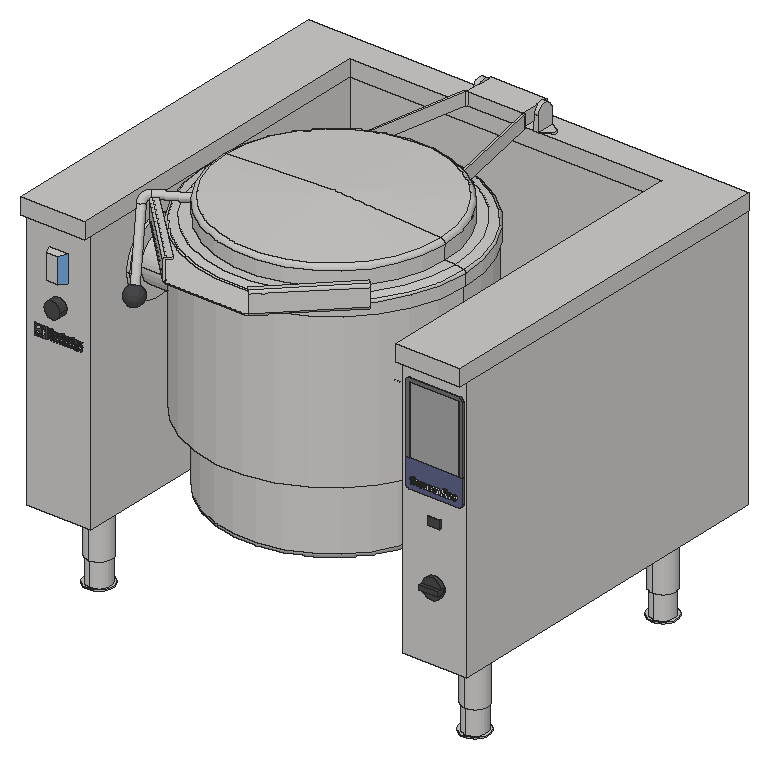
Revit family "QF_ELECTROLUXPROFESSIONAL_587100_PBOT06ECIO", category Attrezzature speciali, Revit 2020 (continued)
Definition of nested family "QF_ELECTROLUXPROFESSIONAL_PBOT900_LEFT"
  Automatic sketch dimensions
    Extrusion 5 sketch curve to Extrusion 5 sketch curve = 0.105 mm
    Extrusion 5 sketch curve to Extrusion 5 sketch curve = 0.097 mm
    Extrusion 5 sketch curve to Extrusion 5 sketch curve = 3.982 mm
    Extrusion 5 sketch curve to Extrusion 5 sketch curve = 0.17 mm
    Extrusion 5 sketch curve to Extrusion 5 sketch curve = 6.49 mm
    Extrusion 5 sketch curve to Extrusion 5 sketch curve = 1.777 mm
    Extrusion 5 sketch curve to plane 10 "TOP" = 296.072 mm
    Extrusion 5 sketch curve to Extrusion 5 sketch curve = 0.63 mm
    Extrusion 5 sketch curve to Extrusion 5 sketch curve = 1.001 mm
    Extrusion 5 sketch curve to plane 10 "TOP" = 294.678 mm
    Extrusion 5 sketch curve to Extrusion 5 sketch curve = 1.393 mm
    Extrusion 5 sketch curve to Extrusion 5 sketch curve = 2.363 mm
    Extrusion 5 sketch curve to Extrusion 5 sketch curve = 2.253 mm
    Extrusion 5 sketch curve to Extrusion 5 sketch curve = 0.014 mm  (x4)
    Extrusion 5 sketch curve to Extrusion 5 sketch curve = 0.172 mm
    Extrusion 5 sketch curve to Extrusion 5 sketch curve = 0.096 mm
    Extrusion 5 sketch curve to Extrusion 5 sketch curve = 0.164 mm
    Extrusion 5 sketch curve to Extrusion 5 sketch curve = 0.298 mm
    Extrusion 5 sketch curve to Extrusion 5 sketch curve = 0.247 mm
    Extrusion 5 sketch curve to Extrusion 5 sketch curve = 0.084 mm
    Extrusion 5 sketch curve to Extrusion 5 sketch curve = 6.484 mm
    Extrusion 5 sketch curve to Extrusion 5 sketch curve = 2.596 mm
    Extrusion 5 sketch curve to Extrusion 5 sketch curve = 0.059 mm  (x2)
    Extrusion 5 sketch curve to Extrusion 5 sketch curve = 3.889 mm
    Extrusion 5 sketch curve to plane 10 "TOP" = 307.979 mm
    Extrusion 5 sketch curve to Extrusion 5 sketch curve = 6.029 mm
    Extrusion 5 sketch curve to plane 10 "TOP" = 305.988 mm
    Extrusion 5 sketch curve to Extrusion 5 sketch curve = 0.929 mm
    Extrusion 5 sketch curve to Extrusion 5 sketch curve = 1.102 mm
    Extrusion 5 sketch curve to Extrusion 5 sketch curve = 0.756 mm  (x2)
    Extrusion 5 sketch curve to plane 10 "TOP" = 306.353 mm
    Extrusion 5 sketch curve to Extrusion 5 sketch curve = 0.852 mm
    Extrusion 5 sketch curve to Extrusion 5 sketch curve = 0.108 mm
    Extrusion 5 sketch curve to Extrusion 5 sketch curve = 0.101 mm
    Extrusion 5 sketch curve to Extrusion 5 sketch curve = 0.072 mm
    Extrusion 5 sketch curve to Extrusion 5 sketch curve = 1.67 mm
    Extrusion 5 sketch curve to Extrusion 5 sketch curve = 1.834 mm
    Extrusion 5 sketch curve to Extrusion 5 sketch curve = 0.366 mm
    Extrusion 5 sketch curve to Extrusion 5 sketch curve = 0.993 mm
    Extrusion 5 sketch curve to Extrusion 5 sketch curve = 0.81 mm
    Extrusion 5 sketch curve to Extrusion 5 sketch curve = 1.026 mm  (x2)
    Extrusion 5 sketch curve to Extrusion 5 sketch curve = 4.272 mm
    Extrusion 5 sketch curve to Extrusion 5 sketch curve = 0.163 mm
    Extrusion 5 sketch curve to Extrusion 5 sketch curve = 0.551 mm
    Extrusion 5 sketch curve to Extrusion 5 sketch curve = 6.11 mm
    Extrusion 5 sketch curve to Extrusion 5 sketch curve = 1.451 mm
    Extrusion 5 sketch curve to Extrusion 5 sketch curve = 5.217 mm
    Extrusion 5 sketch curve to Extrusion 5 sketch curve = 0.045 mm  (x2)
    Extrusion 5 sketch curve to Extrusion 5 sketch curve = 0.241 mm
    Extrusion 5 sketch curve to Extrusion 5 sketch curve = 0.039 mm
    Extrusion 5 sketch curve to Extrusion 5 sketch curve = 1.134 mm
    Extrusion 5 sketch curve to Extrusion 5 sketch curve = 2.351 mm
    Extrusion 5 sketch curve to Extrusion 5 sketch curve = 3.993 mm
    Extrusion 5 sketch curve to Extrusion 5 sketch curve = 10.128 mm
    Extrusion 5 sketch curve to Extrusion 5 sketch curve = 0.956 mm
    Extrusion 5 sketch curve to Extrusion 5 sketch curve = 1.263 mm
    Extrusion 5 sketch curve to Extrusion 5 sketch curve = 2.577 mm
    Extrusion 5 sketch curve to Extrusion 5 sketch curve = 0.243 mm
    Extrusion 5 sketch curve to Extrusion 5 sketch curve = 0.031 mm
    Extrusion 5 sketch curve to Extrusion 5 sketch curve = 7.148 mm
    Extrusion 5 sketch curve to Extrusion 5 sketch curve = 1.502 mm
    Extrusion 5 sketch curve to Extrusion 5 sketch curve = 11.54 mm
    Extrusion 5 sketch curve to Extrusion 5 sketch curve = 11.758 mm
    Extrusion 5 sketch curve to Extrusion 5 sketch curve = 4.097 mm
    Extrusion 5 sketch curve to Extrusion 5 sketch curve = 0.011 mm
    Extrusion 5 sketch curve to Extrusion 5 sketch curve = 4.488 mm
    Extrusion 5 sketch curve to Extrusion 5 sketch curve = 11.908 mm
    Extrusion 5 sketch curve to Extrusion 5 sketch curve = 2.236 mm
    Extrusion 5 sketch curve to Extrusion 5 sketch curve = 0.22 mm
    Extrusion 5 sketch curve to Extrusion 5 sketch curve = 0.319 mm
    Extrusion 5 sketch curve to Extrusion 5 sketch curve = 1.192 mm
    Extrusion 5 sketch curve to Extrusion 5 sketch curve = 3.577 mm  (x2)
    Extrusion 5 sketch curve to Extrusion 5 sketch curve = 3.444 mm  (x2)
    Extrusion 5 sketch curve to Extrusion 5 sketch curve = 1.626 mm  (x2)
    Extrusion 5 sketch curve to Extrusion 5 sketch curve = 2.021 mm
    Extrusion 5 sketch curve to Extrusion 5 sketch curve = 2.967 mm
    Extrusion 5 sketch curve to Extrusion 5 sketch curve = 1.22 mm
    Extrusion 5 sketch curve to Extrusion 5 sketch curve = 3.412 mm
    Extrusion 5 sketch curve to Extrusion 5 sketch curve = 0.892 mm  (x3)
    Extrusion 5 sketch curve to Extrusion 5 sketch curve = 0.58 mm  (x2)
    Extrusion 5 sketch curve to Extrusion 5 sketch curve = 2.117 mm
    Extrusion 5 sketch curve to Extrusion 5 sketch curve = 0.295 mm  (x2)
    Extrusion 5 sketch curve to Extrusion 5 sketch curve = 0.618 mm
    Extrusion 5 sketch curve to Extrusion 5 sketch curve = 1.65 mm
    Extrusion 5 sketch curve to Extrusion 5 sketch curve = 1.662 mm
    Extrusion 5 sketch curve to Extrusion 5 sketch curve = 0.013 mm  (x2)
    Extrusion 5 sketch curve to Extrusion 5 sketch curve = 0.292 mm
    Extrusion 5 sketch curve to Extrusion 5 sketch curve = 0.107 mm  (x2)
    Extrusion 5 sketch curve to Extrusion 5 sketch curve = 0.068 mm  (x2)
    Extrusion 5 sketch curve to Extrusion 5 sketch curve = 2.361 mm
    Extrusion 5 sketch curve to Extrusion 5 sketch curve = 2.359 mm
    Extrusion 5 sketch curve to Extrusion 5 sketch curve = 0.531 mm  (x2)
    Extrusion 5 sketch curve to Extrusion 5 sketch curve = 0.928 mm  (x2)
    Extrusion 5 sketch curve to Extrusion 5 sketch curve = 1.058 mm
    Extrusion 5 sketch curve to Extrusion 5 sketch curve = 0.297 mm  (x2)
    Extrusion 5 sketch curve to Extrusion 5 sketch curve = 0.155 mm  (x2)
    Extrusion 5 sketch curve to Extrusion 5 sketch curve = 0.182 mm  (x2)
    Extrusion 5 sketch curve to Extrusion 5 sketch curve = 0.607 mm  (x2)
    Extrusion 5 sketch curve to Extrusion 5 sketch curve = 0.372 mm  (x2)
    Extrusion 5 sketch curve to Extrusion 5 sketch curve = 0.016 mm  (x2)
    Extrusion 5 sketch curve to Extrusion 5 sketch curve = 0.996 mm
    Extrusion 5 sketch curve to Extrusion 5 sketch curve = 0.93 mm
    Extrusion 5 sketch curve to Extrusion 5 sketch curve = 0.709 mm  (x2)
    Extrusion 5 sketch curve to Extrusion 5 sketch curve = 1.017 mm
    Extrusion 5 sketch curve to Extrusion 5 sketch curve = 4.718 mm
    Extrusion 5 sketch curve to Extrusion 5 sketch curve = 0.891 mm
    Extrusion 5 sketch curve to Extrusion 5 sketch curve = 3.826 mm
    Extrusion 5 sketch curve to Extrusion 5 sketch curve = 0.954 mm
    Extrusion 5 sketch curve to Extrusion 5 sketch curve = 5.576 mm
    Extrusion 5 sketch curve to Extrusion 5 sketch curve = 5.661 mm  (x2)
    Extrusion 5 sketch curve to Extrusion 5 sketch curve = 0.006 mm
    Extrusion 5 sketch curve to Extrusion 5 sketch curve = 2.203 mm
    Extrusion 5 sketch curve to Extrusion 5 sketch curve = 2.21 mm
    Extrusion 5 sketch curve to Extrusion 5 sketch curve = 1.607 mm
    Extrusion 5 sketch curve to Extrusion 5 sketch curve = 3.92 mm
    Extrusion 5 sketch curve to Extrusion 5 sketch curve = 0.05 mm
    Extrusion 5 sketch curve to Extrusion 5 sketch curve = 1.776 mm
    Extrusion 5 sketch curve to Extrusion 5 sketch curve = 4.017 mm
    Extrusion 5 sketch curve to Extrusion 5 sketch curve = 0.196 mm  (x2)
    Extrusion 5 sketch curve to Extrusion 5 sketch curve = 0.19 mm
    Extrusion 5 sketch curve to Extrusion 5 sketch curve = 1.312 mm
    Extrusion 5 sketch curve to Extrusion 5 sketch curve = 0.146 mm
    Extrusion 5 sketch curve to Extrusion 5 sketch curve = 2.831 mm
    Extrusion 5 sketch curve to Extrusion 5 sketch curve = 0.387 mm
    Extrusion 5 sketch curve to Extrusion 5 sketch curve = 0.174 mm
    Extrusion 5 sketch curve to Extrusion 5 sketch curve = 4.623 mm
    Extrusion 5 sketch curve to Extrusion 5 sketch curve = 1.754 mm
    Extrusion 5 sketch curve to Extrusion 5 sketch curve = 0.188 mm
    Extrusion 5 sketch curve to Extrusion 5 sketch curve = 0.02 mm
    Extrusion 5 sketch curve to Extrusion 5 sketch curve = 0.313 mm
    Extrusion 5 sketch curve to Extrusion 5 sketch curve = 0.12 mm
    Extrusion 5 sketch curve to Extrusion 5 sketch curve = 0.062 mm
    Extrusion 5 sketch curve to Extrusion 5 sketch curve = 0.568 mm
    Extrusion 5 sketch curve to Extrusion 5 sketch curve = 0.095 mm
    Extrusion 5 sketch curve to Extrusion 5 sketch curve = 0.357 mm
    Extrusion 5 sketch curve to Extrusion 5 sketch curve = 0.008 mm
    Extrusion 5 sketch curve to Extrusion 5 sketch curve = 0.36 mm
    Extrusion 5 sketch curve to Extrusion 5 sketch curve = 3.784 mm
    Extrusion 5 sketch curve to Extrusion 5 sketch curve = 1.654 mm
    Extrusion 5 sketch curve to Extrusion 5 sketch curve = 1.454 mm
    Extrusion 5 sketch curve to Extrusion 5 sketch curve = 3.429 mm
    Extrusion 5 sketch curve to Extrusion 5 sketch curve = 1.094 mm
    Extrusion 5 sketch curve to Extrusion 5 sketch curve = 2.218 mm
    Extrusion 5 sketch curve to Extrusion 5 sketch curve = 1.404 mm
    Extrusion 5 sketch curve to Extrusion 5 sketch curve = 5.959 mm
    Extrusion 5 sketch curve to Extrusion 5 sketch curve = 1.424 mm
    Extrusion 5 sketch curve to Extrusion 5 sketch curve = 3.23 mm
    Extrusion 5 sketch curve to Extrusion 5 sketch curve = 1.975 mm
    Extrusion 5 sketch curve to Extrusion 5 sketch curve = 3.779 mm
    Extrusion 5 sketch curve to Extrusion 5 sketch curve = 2.212 mm
    Extrusion 5 sketch curve to Extrusion 5 sketch curve = 3.78 mm
    Extrusion 5 sketch curve to Extrusion 5 sketch curve = 1.279 mm
    Extrusion 5 sketch curve to Extrusion 5 sketch curve = 1.343 mm  (x2)
    Extrusion 5 sketch curve to Extrusion 5 sketch curve = 1.353 mm  (x2)
    Extrusion 5 sketch curve to Extrusion 5 sketch curve = 0.027 mm  (x2)
    Extrusion 5 sketch curve to Extrusion 5 sketch curve = 0.395 mm  (x2)
    Extrusion 5 sketch curve to Extrusion 5 sketch curve = 0.329 mm  (x2)
    Extrusion 5 sketch curve to Extrusion 5 sketch curve = 0.425 mm  (x2)
    Extrusion 5 sketch curve to Extrusion 5 sketch curve = 0.051 mm  (x2)
    Extrusion 5 sketch curve to Extrusion 5 sketch curve = 0.495 mm  (x2)
    Extrusion 5 sketch curve to Extrusion 5 sketch curve = 0.267 mm  (x2)
    Extrusion 5 sketch curve to Extrusion 5 sketch curve = 1.4 mm
    Extrusion 5 sketch curve to Extrusion 5 sketch curve = 5.233 mm
    Extrusion 5 sketch curve to Extrusion 5 sketch curve = 2.062 mm
    Extrusion 6 sketch curve to plane 13 "HW_CW" = 0.0 mm  (x2)
    Extrusion 6 sketch curve to plane 15 = 0.0 mm
    Extrusion 6 sketch curve to plane 14 = 0.0 mm
    radius of Extrusion 2 sketch curve = 20.0 mm
    radius of Extrusion 3 sketch curve = 6.35 mm  (x2)
    radius of Extrusion 5 sketch curve = 2.453 mm
    radius of Extrusion 5 sketch curve = 1.557 mm
    radius of Extrusion 5 sketch curve = 1.468 mm
    radius of Extrusion 5 sketch curve = 2.451 mm
    radius of Extrusion 6 sketch curve = 5.0 mm  (x2)
Definition of nested family "QF_ELECTROLUXPROFESSIONAL_PBOT900_RIGHT"
  Parameters
    Width = 160.0 mm
    Right = Width / 2  # 80.0 mm
    Default Elevation = 0.0 mm
    Left = -Width / 2  # -80.0 mm
    Htop = 40.0 mm
    Height = 900.0 mm
    HBase = 200.0 mm
    EI_z = 250.0 mm
    EI_y = 239.0 mm
    Depth = 900.0 mm
    BorderFront = 20.0 mm
    Body Finish [instance] = none
  Reference planes
    plane 1 "Center (Front/Back)": y = 0
    plane 2: z = 0
    plane 3 "Center (Left/Right)": x = 0
    plane 4 "LEFT": x = -80
    plane 5 "RIGHT": x = 80
    plane 6 "BACK": y = 450
    plane 7 "FRONT": y = -450
    plane 8 "Base": z = 200
    plane 9 "TOP": z = 900
    plane 10 "BorderFront": y = -430
    plane 11: z = 860
    plane 12 "EI": z = 450
    plane 13: y = 211
  Forms (mm)
    Extrusion 1, solid
      sketch origin (0, 0, 0) x (1, 0, 0) y (0, 1, 0)
        loop
          line (-80, 450) -> (-80, -430) -> (80, -430) -> (80, 450) -> (-80, 450)
      from 860 to 200
    Extrusion 2, solid
      sketch origin (0, -430, 0) x (-1, 0, 0) y (0, 0, 1)
        loop
          line (59.714, 823.989) -> (-61.821, 823.989)
          arc (-61.821, 823.989) -> (-68.892, 821.06) -> (-71.821, 813.989) r 10
          line (-71.821, 813.989) -> (-71.821, 644.744) -> (-61.821, 644.744) -> (-61.821, 813.989) -> (59.714, 813.989) -> (59.714, 644.744) -> (69.714, 644.744) -> (69.714, 813.989)
          arc (69.714, 813.989) -> (66.786, 821.06) -> (59.714, 823.989) r 10
      from 0 to -3
    Extrusion 3, solid
      sketch origin (0, -430, 0) x (-1, 0, 0) y (0, 0, 1)
        loop
          circle (0, 375.28) r 25
      from 0 to -10
    Extrusion 4, solid
      sketch origin (0, -430, 0) x (-1, 0, 0) y (0, 0, 1)
        loop
          line (24.382, 380.806) -> (-24.382, 380.806)
          arc (-24.382, 380.806) -> (-25, 375.28) -> (-24.382, 369.753) r 25
          line (-24.382, 369.753) -> (24.382, 369.753)
          arc (24.382, 369.753) -> (25, 375.28) -> (24.382, 380.806) r 25
      from 0 to -20
    Extrusion 5, solid
      sketch origin (0, -430, 0) x (-1, 0, 0) y (0, 0, 1)
        loop
          line (69.714, 585) -> (69.714, 644.744) -> (-71.821, 644.744) -> (-71.821, 585)
          arc (-71.821, 585) -> (-68.892, 577.929) -> (-61.821, 575) r 10
          line (-61.821, 575) -> (59.714, 575)
          arc (59.714, 575) -> (66.786, 577.929) -> (69.714, 585) r 10
      from -3 to 0
    Extrusion 6, solid
      sketch origin (234.714, -430, 0) x (-1, 0, 0) y (0, 0, 1)
        loop
          line (294.429, 813.989) -> (172.894, 813.989) -> (172.894, 644.744) -> (294.429, 644.744) -> (294.429, 813.989)
      from 0 to -3
    Extrusion 7, solid
      sketch origin (0, -430, 0) x (-1, 0, 0) y (0, 0, 1)
        loop
          line (15, 530) -> (-15, 530) -> (-15, 510) -> (15, 510) -> (15, 530)
      from -1.6 to 0
    Extrusion 8, solid
      sketch origin (0, 450, 0) x (-1, 0, 0) y (0, 0, 1)
        loop
          circle (0, 450) r 5
      from 0 to 2
    Extrusion 9, solid
      sketch origin (0, 0, 200) x (0, 1, 0) y (-1, 0, 0)
        loop
          circle (211, 0) r 10
      from 0 to -3
  Lines and regions (mm)
    symbolic lines
      curve 1: line (-80, 450, 0) -> (80, 450, 0)
      curve 2: line (80, 450, 0) -> (80, -430, 0)
  Dimensions and locks
    "Width": plane 4 "LEFT" to plane 5 "RIGHT"
    equal spacing: plane 4 "LEFT", plane 3 "Center (Left/Right)", plane 5 "RIGHT"
    equal spacing: plane 6 "BACK", plane 1 "Center (Front/Back)", plane 7 "FRONT"
    "Depth": plane 6 "BACK" to plane 7 "FRONT"
    "BorderFront": plane 10 "BorderFront" to plane 7 "FRONT"
    "Htop": plane 9 "TOP" to plane 11
    "Height": plane 9 "TOP" to level
    "HBase": plane 8 "Base" to level
    Extrusion 4 sketch curve to Extrusion 4 sketch curve = 11.053 mm
    "EI_y": plane 6 "BACK" to plane 13
    "EI_z": plane 12 "EI" to plane 8 "Base"
    aligned and locked: level to plane 2
    aligned and locked: plane 10 "BorderFront" to Extrusion 1 sketch curve
    aligned and locked: plane 11 to Extrusion 1
    aligned and locked: Extrusion 1 to plane 8 "Base"
    aligned and locked: plane 4 "LEFT" to Extrusion 1 sketch curve
    aligned and locked: Extrusion 1 sketch curve to plane 5 "RIGHT"
    aligned and locked: Extrusion 1 sketch curve to plane 6 "BACK"
  Automatic sketch dimensions
    Extrusion 3 sketch curve to plane 3 "Center (Left/Right)" = 0.0 mm
    plane 8 "Base" to Extrusion 3 sketch curve = 175.28 mm
    Extrusion 4 sketch curve to Extrusion 4 sketch curve = 0.0 mm  (x3)
    Extrusion 4 sketch curve to plane 3 "Center (Left/Right)" = 0.0 mm
    plane 3 "Center (Left/Right)" to Extrusion 4 sketch curve = 24.382 mm
    Extrusion 4 sketch curve to plane 3 "Center (Left/Right)" = 24.382 mm
    plane 8 "Base" to Extrusion 4 sketch curve = 169.753 mm
    Extrusion 2 sketch curve to plane 5 "RIGHT" = 8.179 mm
    Extrusion 2 sketch curve to Extrusion 2 sketch curve = 10.0 mm  (x2)
    Extrusion 2 sketch curve to Extrusion 2 sketch curve = 0.0 mm  (x4)
    plane 4 "LEFT" to Extrusion 2 sketch curve = 20.286 mm
    Extrusion 2 sketch curve to plane 11 = 215.256 mm
    Extrusion 2 sketch curve to plane 11 = 46.011 mm
    Extrusion 5 sketch curve to plane 5 "RIGHT" = 8.179 mm
    plane 4 "LEFT" to Extrusion 5 sketch curve = 20.286 mm
    plane 4 "LEFT" to Extrusion 5 sketch curve = 10.286 mm
    Extrusion 5 sketch curve to plane 11 = 285.0 mm
    Extrusion 5 sketch curve to Extrusion 5 sketch curve = 59.744 mm
    Extrusion 5 sketch curve to Extrusion 5 sketch curve = 10.0 mm
    plane 4 "LEFT" to Extrusion 6 sketch curve = 20.286 mm
    Extrusion 6 sketch curve to plane 11 = 46.011 mm
    Extrusion 6 sketch curve to plane 5 "RIGHT" = 18.179 mm
    Extrusion 6 sketch curve to Extrusion 6 sketch curve = 169.244 mm
    Extrusion 8 sketch curve to plane 3 "Center (Left/Right)" = 0.0 mm
    Extrusion 8 sketch curve to plane 12 "EI" = 0.0 mm
    curve 1 to plane 4 "LEFT" = 0.0 mm
    curve 1 to plane 5 "RIGHT" = 0.0 mm
    curve 2 to plane 10 "BorderFront" = 0.0 mm
    curve 1 to plane 6 "BACK" = 0.0 mm
    plane 3 "Center (Left/Right)" to Extrusion 7 sketch curve = 15.0 mm
    Extrusion 7 sketch curve to plane 3 "Center (Left/Right)" = 15.0 mm
    plane 12 "EI" to Extrusion 7 sketch curve = 60.0 mm
    Extrusion 7 sketch curve to Extrusion 7 sketch curve = 20.0 mm
    Extrusion 9 sketch curve to plane 3 "Center (Left/Right)" = 0.0 mm
    Extrusion 9 sketch curve to plane 13 = 0.0 mm
    radius of Extrusion 3 sketch curve = 25.0 mm
    radius of Extrusion 8 sketch curve = 5.0 mm
    radius of Extrusion 9 sketch curve = 10.0 mm
  Nested families
    nested 1: "ELX_ThermaLine" at (-0.906, -433, 593.675) x (1, 0, 0) z (0, -1, 0), type "ELX_ThermaLine"
      with Show Logo yes, Material_Logo none
  Definition of nested family "ELX_ThermaLine"
    Parameters
      Show Logo [instance] = yes
      Material_Logo [instance] = none
      Default Elevation = 0.0 mm
    Reference planes
      plane 1 "Centro (Fronte/Retro)": y = 0
      plane 2: z = 0
      plane 3 "Centro (Sinistra/Destra)": x = 0
    Forms (mm)
      Extrusion 1, solid
        sketch origin (0, 0, 0) x (1, 0, 0) y (0, 1, 0)
          loop
            line (-1219.2, 1219.2) -> (-1219.2, -1219.2) -> (1219.2, -1219.2) -> (1219.2, 1219.2) -> (-1219.2, 1219.2)
        from 0 to -304.8
      Extrusion 2, solid
        sketch origin (0, 0, 0) x (1, 0, 0) y (0, 1, 0)
          loop
            line (-52.84, 4.345) -> (-50.793, 4.345) -> (-50.793, 6.716) -> (-52.84, 6.716) -> (-52.84, 10.788) -> (-55.901, 9.058) -> (-55.901, 6.716) -> (-57.324, 6.716) -> (-57.324, 4.345) -> (-55.901, 4.345) -> (-55.901, -1.637)
            arc (-55.901, -1.637) -> (-54.76, -4.355) -> (-51.88, -4.985) r 3.198
            line (-51.88, -4.985) -> (-50.444, -4.597) -> (-50.782, -2.189) -> (-51.765, -2.453)
            arc (-51.765, -2.453) -> (-52.506, -2.305) -> (-52.84, -1.628) r 0.854
            line (-52.84, -1.628) -> (-52.84, 4.345)
          loop
            line (-48.642, 11.198) -> (-48.642, -4.787) -> (-45.561, -4.787) -> (-45.561, 2.659)
            arc (-45.561, 2.659) -> (-44.379, 4.372) -> (-42.304, 4.523) r 2.408
            arc (-42.304, 4.523) -> (-41.484, 3.75) -> (-41.182, 2.665) r 2.099
            line (-41.182, 2.665) -> (-41.182, -4.787) -> (-38.117, -4.787) -> (-38.088, 2.166)
            arc (-38.088, 2.166) -> (-38.343, 3.963) -> (-39.021, 5.646) r 7.517
            arc (-39.021, 5.646) -> (-42.369, 6.971) -> (-45.561, 5.303) r 4.327
            line (-45.561, 5.303) -> (-45.561, 11.198) -> (-48.642, 11.198)
          loop
            arc (-28.196, 1.988) -> (-28.834, 3.893) -> (-30.683, 4.679) r 2.449
            arc (-30.683, 4.679) -> (-32.149, 3.674) -> (-32.711, 1.988) r 2.793
            line (-32.711, 1.988) -> (-28.196, 1.988)
          loop
            arc (-25.128, 0.121) -> (-26.074, 4.342) -> (-29.545, 6.923) r 6.212
            arc (-29.545, 6.923) -> (-33.021, 6.358) -> (-35.352, 3.718) r 5.232
            arc (-35.352, 3.718) -> (-35.918, 1.148) -> (-35.633, -1.468) r 8.117
            arc (-35.633, -1.468) -> (-34.524, -3.319) -> (-32.789, -4.603) r 5.523
            arc (-32.789, -4.603) -> (-28.402, -4.744) -> (-25.297, -1.641) r 5.523
            line (-25.297, -1.641) -> (-28.327, -1.106)
            arc (-28.327, -1.106) -> (-29.324, -2.396) -> (-30.951, -2.501) r 1.982
            arc (-30.951, -2.501) -> (-32.276, -1.475) -> (-32.789, 0.121) r 2.835
            line (-32.789, 0.121) -> (-25.128, 0.121)
          loop
            line (-22.733, -4.787) -> (-19.705, -4.787) -> (-19.705, 0)
            arc (-19.705, 0) -> (-19.663, 1.267) -> (-19.469, 2.521) r 10.557
            arc (-19.469, 2.521) -> (-18.189, 4.014) -> (-16.237, 3.761) r 2.069
            line (-16.237, 3.761) -> (-15.318, 6.433)
            arc (-15.318, 6.433) -> (-17.915, 6.783) -> (-19.931, 5.11) r 3.262
            line (-19.931, 5.11) -> (-19.931, 6.752) -> (-22.733, 6.752) -> (-22.733, -4.787)
          loop
            line (-14.233, 6.752) -> (-14.233, -4.787) -> (-11.135, -4.787) -> (-11.135, 1.783)
            arc (-11.135, 1.783) -> (-10.552, 3.635) -> (-8.862, 4.59) r 2.646
            arc (-8.862, 4.59) -> (-7.677, 3.931) -> (-7.234, 2.65) r 1.899
            line (-7.234, 2.65) -> (-7.234, -4.787) -> (-4.155, -4.787) -> (-4.155, 1.467)
            arc (-4.155, 1.467) -> (-3.845, 2.923) -> (-2.97, 4.128) r 3.581
            arc (-2.97, 4.128) -> (-1.581, 4.474) -> (-0.516, 3.516) r 1.525
            arc (-0.516, 3.516) -> (-0.324, 2.735) -> (-0.304, 1.931) r 3.735
            line (-0.304, 1.931) -> (-0.304, -4.787) -> (2.776, -4.787) -> (2.776, 3.096)
            arc (2.776, 3.096) -> (1.833, 5.68) -> (-0.612, 6.942) r 3.784
            arc (-0.612, 6.942) -> (-2.795, 6.596) -> (-4.513, 5.205) r 4.271
            arc (-4.513, 5.205) -> (-5.893, 6.457) -> (-7.686, 6.964) r 4.079
            arc (-7.686, 6.964) -> (-9.75, 6.555) -> (-11.39, 5.237) r 4.412
            line (-11.39, 5.237) -> (-11.39, 6.752) -> (-14.233, 6.752)
          loop
            line (5.334, 3.712) -> (8.069, 3.23)
            arc (8.069, 3.23) -> (10.312, 4.685) -> (12.137, 2.73) r 2.082
            line (12.137, 2.73) -> (8.171, 1.741)
            arc (8.171, 1.741) -> (6.593, 1.022) -> (5.378, -0.215) r 4.758
            arc (5.378, -0.215) -> (5.225, -1.991) -> (5.744, -3.697) r 4.711
            arc (5.744, -3.697) -> (7.301, -4.682) -> (9.118, -4.992) r 4.691
            arc (9.118, -4.992) -> (10.903, -4.593) -> (12.411, -3.558) r 4.818
            line (12.411, -3.558) -> (12.81, -4.787) -> (15.873, -4.787) -> (15.179, -2.652) -> (15.179, 3.25)
            arc (15.179, 3.25) -> (14.773, 5.146) -> (13.38, 6.496) r 3.336
            arc (13.38, 6.496) -> (10.765, 7.201) -> (8.091, 6.773) r 6.459
            arc (8.091, 6.773) -> (6.348, 5.57) -> (5.334, 3.712) r 4.569
          loop
            line (21.001, -4.787) -> (24.24, -4.787) -> (27.623, 11.127) -> (24.384, 11.127) -> (21.001, -4.787)
          loop
            line (27.273, -4.787) -> (30.332, -4.787) -> (32.777, 6.716) -> (29.718, 6.716) -> (27.273, -4.787)
          loop
            line (30.656, 11.127) -> (30.058, 8.314) -> (33.117, 8.314) -> (33.715, 11.127) -> (30.656, 11.127)
          loop
            line (33.431, -4.787) -> (36.649, -4.787) -> (38.261, 2.796)
            arc (38.261, 2.796) -> (39.644, 4.445) -> (41.791, 4.594) r 2.751
            arc (41.791, 4.594) -> (42.425, 3.729) -> (42.502, 2.659) r 1.936
            line (42.502, 2.659) -> (40.919, -4.787) -> (43.989, -4.787) -> (45.795, 3.712)
            arc (45.795, 3.712) -> (45.588, 5.458) -> (44.361, 6.716) r 2.734
            arc (44.361, 6.716) -> (41.222, 6.857) -> (38.516, 5.259) r 5.512
            line (38.516, 5.259) -> (38.826, 6.716) -> (35.876, 6.716) -> (33.431, -4.787)
          loop
            line (50.773, 1.934) -> (55.672, 1.934)
            arc (55.672, 1.934) -> (55.737, 2.919) -> (55.334, 3.821) r 2.051
            arc (55.334, 3.821) -> (53.773, 4.722) -> (52.024, 4.287) r 2.407
            arc (52.024, 4.287) -> (51.223, 3.203) -> (50.773, 1.934) r 4.566
          loop
            line (50.479, 0) -> (58.259, 0)
            arc (58.259, 0) -> (58.241, 3.53) -> (56.181, 6.396) r 5.8
            arc (56.181, 6.396) -> (52.577, 6.992) -> (49.395, 5.199) r 5.498
            arc (49.395, 5.199) -> (47.819, 2.372) -> (47.536, -0.853) r 7.747
            arc (47.536, -0.853) -> (48.406, -3.006) -> (50.236, -4.437) r 4.494
            arc (50.236, -4.437) -> (52.672, -4.934) -> (55.109, -4.437) r 6.224
            arc (55.109, -4.437) -> (56.76, -3.346) -> (57.916, -1.739) r 5.478
            line (57.916, -1.739) -> (55.129, -1.247)
            arc (55.129, -1.247) -> (53.897, -2.495) -> (52.149, -2.637) r 2.52
            arc (52.149, -2.637) -> (50.809, -1.638) -> (50.479, 0) r 2.336
          loop
            line (12.154, 0.755) -> (8.732, -0.098)
            arc (8.732, -0.098) -> (8.126, -1.288) -> (8.732, -2.478) r 1.471
            arc (8.732, -2.478) -> (10.437, -2.725) -> (11.827, -1.706) r 2.276
            arc (11.827, -1.706) -> (12.142, -0.496) -> (12.154, 0.755) r 5.123
        from 0 to 1.6
    Dimensions and locks
      aligned and locked: plane 2 to Extrusion 1
      aligned and locked: level to Extrusion 1
Definition of nested family "QF_ELECTROLUXPROFESSIONAL_2FEET_THL_120xH200"
  Parameters
    Width = 120.0 mm
    Right = Width / 2  # 60.0 mm
    Default Elevation = 0.0 mm
    Left = -Width / 2  # -60.0 mm
    Height = 200.0 mm
    HBase = Height - 15.0 mm  # 185.0 mm
    Depth = 880.0 mm
  Reference planes
    plane 1 "Center (Front/Back)": y = 0
    plane 2: z = 0
    plane 3 "Center (Left/Right)": x = 0
    plane 4 "LEFT": x = -60
    plane 5 "RIGHT": x = 60
    plane 6 "BACK": y = 440
    plane 7 "FRONT": y = -440
    plane 8 "Base": z = 185
    plane 9 "TOP": z = 200
    plane 10: y = 283
    plane 11: y = -304
    plane 12: y = 368
    plane 13: y = -388
    plane 14: x = -80
  Forms (mm)
    Extrusion 1, solid
      sketch origin (0, 0, 200) x (0, 1, 0) y (-1, 0, 0)
        loop
          line (368, 60) -> (-388, 60) -> (-388, -60) -> (368, -60) -> (368, 60)
      from 0 to -15
    Revolve 2, solid
      sketch origin (0, 0, 0) x (0, 1, 0) y (0, 0, 1)
        loop
          line (283, 0) -> (318, 0) -> (318, 2) -> (311.179, 2) -> (311.179, 63) -> (314.75, 63) -> (314.75, 185) -> (283, 185) -> (283, 0)
        axis (283, 185) -> (283, 0)
      angle from 0 to 360
    Revolve 3, solid
      sketch origin (0, 0, 0) x (0, 1, 0) y (0, 0, 1)
        loop
          line (-304, 185) -> (-304, 0) -> (-269, 0) -> (-269, 2) -> (-275.821, 2) -> (-275.821, 63) -> (-272.25, 63) -> (-272.25, 185) -> (-304, 185)
        axis (-304, 185) -> (-304, 0)
      angle from 0 to 360
  Dimensions and locks
    "Width": plane 4 "LEFT" to plane 5 "RIGHT"
    equal spacing: plane 4 "LEFT", plane 3 "Center (Left/Right)", plane 5 "RIGHT"
    equal spacing: plane 6 "BACK", plane 1 "Center (Front/Back)", plane 7 "FRONT"
    "Depth": plane 6 "BACK" to plane 7 "FRONT"
    "HBase": plane 8 "Base" to level
    "Height": plane 9 "TOP" to level
    locked: plane 6 "BACK" to plane 10 at 157
    locked: plane 10 to plane 11 at 587
    plane 6 "BACK" to plane 12 = 72.0 mm
    plane 13 to plane 7 "FRONT" = 52.0 mm
    plane 12 to plane 13 = 756.0 mm
    plane 14 to plane 3 "Center (Left/Right)" = 80.0 mm
    aligned and locked: level to plane 2
    aligned and locked: Extrusion 1 sketch curve to plane 5 "RIGHT"
    aligned and locked: plane 4 "LEFT" to Extrusion 1 sketch curve
    aligned and locked: Extrusion 1 to plane 8 "Base"
    aligned and locked: Extrusion 1 sketch curve to plane 12
    aligned and locked: plane 13 to Extrusion 1 sketch curve
  Automatic sketch dimensions
    Revolve 2 sketch curve to level = 0.0 mm
    Revolve 2 sketch curve to plane 10 = 0.0 mm  (x2)
    Revolve 2 sketch curve to plane 8 "Base" = 0.0 mm
    plane 10 to Revolve 2 sketch curve = 28.179 mm
    Revolve 2 sketch curve to Revolve 2 sketch curve = 31.75 mm
    Revolve 2 sketch curve to Revolve 2 sketch curve = 6.821 mm
    level to Revolve 2 sketch curve = 2.0 mm
    Revolve 2 sketch curve to Revolve 2 sketch curve = 61.0 mm
    Revolve 2 sketch curve to level = 50.0 mm
    plane 9 "TOP" to Revolve 2 sketch curve = 70.0 mm
    Revolve 3 sketch curve to plane 11 = 0.0 mm
    Revolve 3 sketch curve to level = 0.0 mm
    Revolve 3 sketch curve to plane 10 = 587.0 mm
    Revolve 3 sketch curve to plane 8 "Base" = 0.0 mm
    Revolve 3 sketch curve to plane 10 = 558.821 mm
    Revolve 3 sketch curve to Revolve 3 sketch curve = 3.571 mm
    Revolve 3 sketch curve to Revolve 3 sketch curve = 6.821 mm
    level to Revolve 3 sketch curve = 2.0 mm
    Revolve 3 sketch curve to Revolve 3 sketch curve = 61.0 mm
    Revolve 3 sketch curve to level = 180.0 mm
    plane 9 "TOP" to Revolve 3 sketch curve = 205.0 mm
Definition of nested family "QF_ELECTROLUXPROFESSIONAL_PBOT900_LEVEL1"
  Parameters
    Default Elevation = 0.0 mm
    Assembly Code = ""
  Reference planes
    plane 1 "Center (Front/Back)": y = 0
    plane 2: z = 0
    plane 3 "Center (Left/Right)": x = 0
  Forms (mm)
    Sweep 1, solid
      path origin (0, 0, 0) x (1, 0, 0) y (0, 0.5, 0.866025)
        loop
          line (0, 0) -> (-80, 0)
          arc (-80, 0) -> (-94.142, -5.858) -> (-100, -20) r 20
          line (-100, -20) -> (-100, -200)
      profile origin (-40, 0, 0) x (0, -0.5, -0.866025) y (0, -0.866025, 0.5)
        loop
          circle (0, 0) r 9
    Revolve 2, solid
      sketch origin (-20, 0, 0) x (1, 0, 0) y (0, 0.5, 0.866025)
        loop
          arc (-57.5, -200) -> (-80, -177.5) -> (-102.5, -200) r 22.5
          line (-102.5, -200) -> (-57.5, -200)
        axis (-102.5, -200) -> (-57.5, -200)
      angle from 0 to 360
  Lines and regions (mm)
    symbolic lines
      curve 1: line (0, -9, 0) -> (-80, -9, 0)
      curve 2: line (0, 9, 0) -> (-80, 9, 0)
      curve 3: line (-91, -80, 0) -> (-91, -15, 0)
      curve 4: line (-109, -80, 0) -> (-109, -10, 0)
      curve 5: arc (-109, -10, 0) -> (-97.335, 3.827, 0) -> (-80, 9, 0) r 31.632
      curve 6: arc (-91, -15, 0) -> (-86.265, -10.598, 0) -> (-80, -9, 0) r 13.083
      curve 7: spline (-77.953, -100, 0) -> (-78.704, -94.175, 0) -> (-80.907, -88.747, 0) -> (-84.41, -84.087, 0) -> (-88.977, -80.51, 0) -> (-94.294, -78.262, 0) -> (-100, -77.495, 0) -> (-105.706, -78.262, 0) -> (-111.023, -80.51, 0) -> (-115.59, -84.087, 0) -> (-119.093, -88.747, 0) -> (-121.296, -94.175, 0) -> (-122.047, -100, 0) -> (-121.296, -105.825, 0) -> (-119.093, -111.253, 0) -> (-115.59, -115.913, 0) -> (-111.023, -119.49, 0) -> (-105.706, -121.738, 0) -> (-100, -122.505, 0) -> (-94.294, -121.738, 0) -> (-88.977, -119.49, 0) -> (-84.41, -115.913, 0) -> (-80.907, -111.253, 0) -> (-78.704, -105.825, 0) -> (-77.953, -100, 0)
  Dimensions and locks
    aligned and locked: level to plane 2
